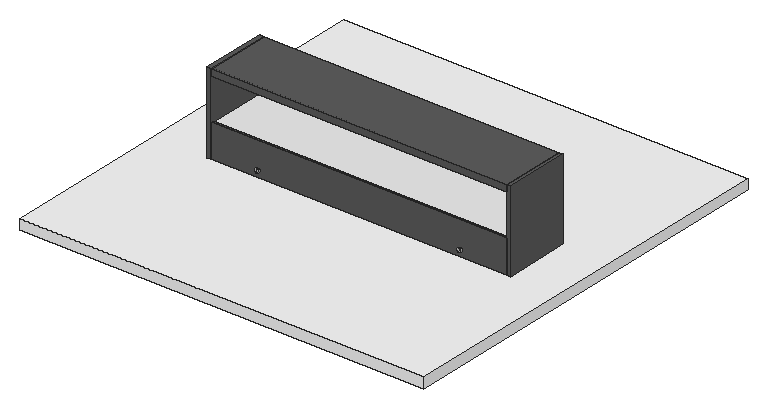
Revit family "BE_50755.2_de_DE", category Leuchten, Revit 2020
Family settings
  Basisbauteil = Fläche
  Bemaßung runder Anschluss = Durchmesser verwenden
  Teiletyp = Normal
  Beim Laden mit Abzugskörper schneiden = Ja
  Lichtquelle = Ja
  Gemeinsam genutzt = Nein
  Raumberechnungspunkt = Ja
Parameters (values of type "BEGA_50755.2_K3")
  built-in parameter 1150104 = 14.486 (stored number, unit not read)
  Wattage = 11.8 W
  Default Elevation = 0 mm
  built-in parameter 1150113 = 1 (stored number, unit not read)
  built-in parameter 1114218 = 1 (stored number, unit not read)
  Umgebungstemperatur = "25 °C"
  URL = "https://www.bega.com/de/produkt/50755.2"
  Typenkommentare = "© 2023 BEGA. Wir behalten uns das Recht vor, technische Änderungen ohne vorherige Ankündigung vorzunehmen."  # constant formula
  built-in parameter 1150134 = (empty or 0)
  built-in parameter 1150109 = 1 (stored number, unit not read)
  built-in parameter 1150110 = 1 (stored number, unit not read)
  Spannung = 239.996 V
  Sonderanfertigung = no
  Seriennummer [instance] = "Hier können Sie die eindeutige Seriennummer für das Facility Management eintragen."
  Schutzklasse = "I"
  Schutzart = "IP 20"
  Scheinlast = 0 VA
  Produktdatenblatt = "https://cdn.bega.com/bega/products/50755.2K3/current/documents/data-sheets/de"
  Neigungswinkel = 0.00°
  Modell = "50755.2K3"
  Material_35 = BEGA_Oberfläche_Samtschwarz_matt
  Material_22 = BEGA_Oberfläche_Aluminium_matt
  Material_15 = BEGA_Leuchtmedium_matt
  Material_13 = BEGA_Kunststoff_matt
  Material_06 = BEGA_Oberfläche_Edelstahl_gebürstet
  Material_05 = BEGA_Oberfläche_Aluminium Guss
  Material_04 = BEGA_Kunststoff_Grafit_matt
  M_W = no
  M_G = no
  M_A = no
  Logo = 0
  built-in parameter 1114217 = 1 (stored number, unit not read)
  built-in parameter 1150139 = (empty or 0)
  built-in parameter 1150105 = 146.42 (stored number, unit not read)
  built-in parameter 1150114 = 1 (stored number, unit not read)
  Lumens = 1839.97 lm
  built-in parameter 1150115 = 1 (stored number, unit not read)
  Leuchtenlichtstrom = "821 lm"
  Lebensdauerkriterien = "L70B50 @ 25 °C = 200000 h"
  Lastklassifizierung = Beleuchtung
  built-in parameter 1150112 = 1 (stored number, unit not read)
  Lampenlichtstrom = "1840 lm"
  Lampe = "LED 11.8 W"
  LED_Modulbezeichnung = "LED-0393/930"
  Hersteller = "BEGA"  # constant formula
  Gewicht = "0.9 kg"
  Frequenz = "0/50-60 Hz"
  Farbwiedergabeindex = "CRI > 90"
  Farbtemperaturverschiebung bei Dämpfen der Lampe = <Keine Auswahl>
  Farbtemperatur = "3000 K"
  Color Filter = 16777215
  built-in parameter 1150133 = 10 (stored number, unit not read)
  Energieeffizienzklasse = "LED A++ - A"
  built-in parameter 1150137 = (empty or 0)
  built-in parameter 1150132 = (empty or 0)
  ENEC = "ja"
  Dimmbar [instance] = "on/off"
  Datei für fotometrisches Netz = "BE_50755-2K3.ies"
  CE_Konformität = "ja"
  Bestellnummer = "50755.2K3"
  Beschreibung_Sonderanfertigung = "Hier können Sie Informationen zur Sonderanfertigung eintragen."
  Beschreibung = "Wandleuchte"
  built-in parameter 1150106 = 1.4642 (stored number, unit not read)
  Befestigungsbohrung = "Ø 4,5 mm"
  Befestigungsabstand = "210 mm"
  BEGA_Intern_aus = yes
  BEGA_Intern_an = yes
  BEGA_Intern_Konstruktion = yes
  BEGA_Intern = yes
  BEGA_IES = yes
  BEGA_Dummy = no
  Anschlussleistung [instance] = "13.7 W"
  built-in parameter 1150107 = 3000 (stored number, unit not read)
  built-in parameter 1150102 = (empty or 0)
  built-in parameter 1150138 = (empty or 0)
  Aktualisierung = "2023-06-07T04:00:07"
  AC/DC = "AC/DC"
Reference planes
  plane 1 "Mitte (Vorne/Hinten)": y = 0
  plane 2: z = 0
  plane 3 "Mitte (Links/Rechts)": x = 0
  plane 4 "Links": x = -147
  plane 5 "Rechts": x = 153
  plane 6 "Unten": y = -35.672
  plane 7 "Oben": y = 30.329
  plane 8 "Vorne": z = 80
  plane 9 "Hinten": z = 0
Forms (mm)
  Extrusion 1, solid, material "BEGA_Platte_Weiss"
    sketch origin (0, -1119.2, 0) x (1, 0, 0) y (0, 1, 0)
      loop
        line (-200, 1319.2) -> (-200, 919.2) -> (200, 919.2) -> (200, 1319.2) -> (-200, 1319.2)
    from 0 to -10
  Extrusion 2, solid, material "BEGA_Dummy_matt", visible <- "BEGA_Dummy"
    sketch origin (80.095, -76.023, 0) x (1, 0, 0) y (0, 1, 0)
      loop
        line (-227.095, 106.352) -> (-227.095, 40.351) -> (72.905, 40.351) -> (72.905, 106.352) -> (-227.095, 106.352)
    from 0 to 80
Dimensions and locks
  plane 1 "Mitte (Vorne/Hinten)" to Extrusion 1 = 200 mm
  aligned and locked: Extrusion 1 to plane 2
  aligned and locked: Extrusion 1 to level
Nested families
  nested 1: "BE_50755.2_Leuchte" at (0, 0, 0), type "BEGA_50818.2_K3"
Connectors
  electrical at (0, 0, 0), driven by "Lastklassifizierung", driven by "Spannung", driven by "Scheinlast"
    settings: index 1, voltage 239.996 V, apparent load 0 VA, apparent load phase1 0 VA, apparent load phase2 0 VA, apparent load phase3 0 VA, power factor 1, load classification "Beleuchtung", number of poles 1, system type 31, power factor state 1, is connector primary yes, connector utility no, sub classification motor no, connector description ""
Definition of nested family "BE_50755.2_Leuchte"
  Parameters (values of type "BEGA_50818.2_K3")
    Default Elevation = 1 mm
    URL = "https://www.bega.com/de/produkt/50818.2"
    Type Comments = "© 2015 BEGA. Wir behalten uns das Recht vor, technische Änderungen ohne vorherige Ankündigung vorzunehmen. "  # constant formula
    Type Image = (empty or 0)
    Material_35 = none
    Material_22 = none
    Material_15 = none
    Material_13 = none
    Material_06 = none
    Material_05 = none
    Material_04 = none
    Länge_Platte = 350 mm  # constant formula
    Höhe_Platte = -10 mm  # constant formula
    Manufacturer = "BEGA"  # constant formula
    Breite_Platte = 200 mm  # constant formula
  Reference planes
    plane 1 "Mitte (Oben/Unten)": y = 0
    plane 2: z = 0
    plane 3 "Mitte (Links/Rechts)": x = 0
    plane 4: z = 80
    plane 5: y = -35.672
    plane 6: y = 30.329
    plane 7: x = 153
    plane 8: x = -147
  Forms (mm)
    Extrusion 1, solid, detail levels medium
      sketch origin (0, 0, 0) x (1, 0, 0) y (0, 1, 0)
        loop
          line (-175, 100) -> (-175, -100) -> (175, -100) -> (175, 100) -> (-175, 100)
      from 0 to -10 <- "Höhe_Platte"
    Extrusion 2, solid, material <- "Material_05"
      sketch origin (0, 0, 0) x (0, 1, 0) y (0, 0, 1)
        loop
          line (-20, 5.5) -> (-25, 10.5) -> (-26.414, 9.086) -> (-21.715, 4.387)
          arc (-21.715, 4.387) -> (-20.739, 3.731) -> (-19.586, 3.5) r 3
          line (-19.586, 3.5) -> (19.586, 3.5)
          arc (19.586, 3.5) -> (20.737, 3.73) -> (21.712, 4.383) r 3
          line (21.712, 4.383) -> (26.414, 9.086) -> (25, 10.5) -> (20, 5.5) -> (-20, 5.5)
      from -132 to 138
    Revolve 3, solid, material <- "Material_05"
      sketch origin (-102, 0, 0) x (0, 1, 0) y (0, 0, 1)
        loop
          line (13, 3.5) -> (13, 0) -> (15, 0)
          arc (15, 0) -> (16.049, 0.297) -> (16.787, 1.101) r 2
          line (16.787, 1.101) -> (18, 3.5) -> (13, 3.5)
        axis (13, 0) -> (13, 3.5)
      angle from 0 to 360
    Revolve 4, solid, material <- "Material_05"
      sketch origin (108, 0, 0) x (0, 1, 0) y (0, 0, 1)
        loop
          line (13, 3.5) -> (13, 0) -> (15, 0)
          arc (15, 0) -> (16.049, 0.297) -> (16.787, 1.101) r 2
          line (16.787, 1.101) -> (18, 3.5) -> (13, 3.5)
        axis (13, 0) -> (13, 3.5)
      angle from 0 to 360
    Revolve 5, solid, material <- "Material_05"
      sketch origin (-102, -26, 0) x (0, 1, 0) y (0, 0, 1)
        loop
          line (13, 3.5) -> (13, 0) -> (15, 0)
          arc (15, 0) -> (16.049, 0.297) -> (16.787, 1.101) r 2
          line (16.787, 1.101) -> (18, 3.5) -> (13, 3.5)
        axis (13, 0) -> (13, 3.5)
      angle from 0 to 360
    Revolve 6, solid, material <- "Material_05"
      sketch origin (108, -26, 0) x (0, 1, 0) y (0, 0, 1)
        loop
          line (13, 3.5) -> (13, 0) -> (15, 0)
          arc (15, 0) -> (16.049, 0.297) -> (16.787, 1.101) r 2
          line (16.787, 1.101) -> (18, 3.5) -> (13, 3.5)
        axis (13, 0) -> (13, 3.5)
      angle from 0 to 360
    Extrusion 7, void
      sketch origin (0, 0, 0) x (1, 0, 0) y (0, 1, 0)
        loop
          arc (-76, 15) -> (-91, 0) -> (-76, -15) r 15
          line (-76, -15) -> (-46, -15)
          arc (-46, -15) -> (-31, 0) -> (-46, 15) r 15
          line (-46, 15) -> (-76, 15)
        loop
          line (-99.25, 2.25) -> (-104.75, 2.25)
          arc (-104.75, 2.25) -> (-107, 0) -> (-104.75, -2.25) r 2.25
          line (-104.75, -2.25) -> (-99.25, -2.25)
          arc (-99.25, -2.25) -> (-97, 0) -> (-99.25, 2.25) r 2.25
        loop
          arc (105.75, -2.75) -> (108, -5) -> (110.25, -2.75) r 2.25
          line (110.25, -2.75) -> (110.25, 2.75)
          arc (110.25, 2.75) -> (108, 5) -> (105.75, 2.75) r 2.25
          line (105.75, 2.75) -> (105.75, -2.75)
      from 3.5 to 5.5
    Extrusion 8, solid, material <- "Material_35"
      sketch origin (0, 0, 0) x (0, 1, 0) y (0, 0, 1)
        loop
          line (-34.671, 80) -> (-34.671, 74) -> (-33.171, 74) -> (-33.171, 76) -> (28.829, 75.999) -> (28.829, 73.999) -> (30.329, 73.999) -> (30.329, 79.999) -> (-34.671, 80)
        loop
          line (30.329, 33) -> (28.329, 32.999) -> (28.329, 30.999) -> (-32.671, 31) -> (-32.671, 33) -> (-34.672, 33) -> (-34.572, 0) -> (-31.672, 0) -> (-31.672, 2)
          arc (-31.672, 2) -> (-31.525, 2.354) -> (-31.172, 2.5) r 0.5
          arc (-31.172, 2.5) -> (-30.818, 2.646) -> (-30.672, 3) r 0.5
          line (-30.672, 3) -> (-30.672, 10)
          arc (-30.672, 10) -> (-30.818, 10.354) -> (-31.172, 10.5) r 0.5
          arc (-31.172, 10.5) -> (-31.525, 10.647) -> (-31.672, 11) r 0.5
          line (-31.672, 11) -> (-31.671, 29) -> (27.329, 28.999) -> (27.328, 9.999) -> (24.328, 6.999) -> (24.328, 4.999) -> (27.328, 4.999) -> (27.328, 0) -> (30.328, 0) -> (30.329, 33)
      from -143 to 149
    Extrusion 9, solid, material <- "Material_35"
      sketch origin (0, 0, 0) x (1, 0, 0) y (0, 1, 0)
        loop
          line (-147, -34.671) -> (-143, -34.671) -> (-143, 30.329) -> (-147, 30.329) -> (-147, -34.671)
        loop
          line (153, -34.671) -> (153, 30.329) -> (149, 30.329) -> (149, -34.671) -> (153, -34.671)
      from 0 to 80
    Extrusion 10, solid, material <- "Material_13"
      sketch origin (0, 0, 0) x (0, 1, 0) y (0, 0, 1)
        loop
          line (-28.209, 76) -> (-29.566, 76)
          arc (-29.566, 76) -> (-2.171, 63.747) -> (25.225, 75.999) r 36.753
          line (25.225, 75.999) -> (23.868, 75.999)
          arc (23.868, 75.999) -> (-2.171, 64.747) -> (-28.209, 76) r 35.753
      from -143 to 149
    Extrusion 11, solid, material <- "Material_04"
      sketch origin (0, 0, 0) x (0, 1, 0) y (0, 0, 1)
        loop
          line (15.629, 74.2) -> (15.629, 76) -> (-5.371, 76) -> (-5.371, 74.2) -> (15.629, 74.2)
      from -113.657 to 128.343
    Extrusion 12, solid, material <- "Material_15"
      sketch origin (0, 152.703, 0) x (1, 0, 0) y (0, 1, 0)
        loop
          line (-111.257, -153.073) -> (-111.257, -156.073) -> (-108.257, -156.073) -> (-108.257, -153.073) -> (-111.257, -153.073)
        loop
          line (-104.566, -156.073) -> (-101.566, -156.073) -> (-101.566, -153.073) -> (-104.566, -153.073) -> (-104.566, -156.073)
        loop
          line (-97.874, -156.073) -> (-94.874, -156.073) -> (-94.874, -153.073) -> (-97.874, -153.073) -> (-97.874, -156.073)
        loop
          line (-91.183, -156.073) -> (-88.183, -156.073) -> (-88.183, -153.073) -> (-91.183, -153.073) -> (-91.183, -156.073)
        loop
          line (-84.491, -156.073) -> (-81.491, -156.073) -> (-81.491, -153.073) -> (-84.491, -153.073) -> (-84.491, -156.073)
        loop
          line (-77.8, -156.073) -> (-74.8, -156.073) -> (-74.8, -153.073) -> (-77.8, -153.073) -> (-77.8, -156.073)
        loop
          line (-71.108, -156.073) -> (-68.108, -156.073) -> (-68.108, -153.073) -> (-71.108, -153.073) -> (-71.108, -156.073)
        loop
          line (-64.417, -156.073) -> (-61.417, -156.073) -> (-61.417, -153.073) -> (-64.417, -153.073) -> (-64.417, -156.073)
        loop
          line (-57.726, -156.073) -> (-54.726, -156.073) -> (-54.726, -153.073) -> (-57.726, -153.073) -> (-57.726, -156.073)
        loop
          line (-51.034, -156.073) -> (-48.034, -156.073) -> (-48.034, -153.073) -> (-51.034, -153.073) -> (-51.034, -156.073)
        loop
          line (-44.343, -156.073) -> (-41.343, -156.073) -> (-41.343, -153.073) -> (-44.343, -153.073) -> (-44.343, -156.073)
        loop
          line (-37.651, -156.073) -> (-34.651, -156.073) -> (-34.651, -153.073) -> (-37.651, -153.073) -> (-37.651, -156.073)
        loop
          line (-30.96, -156.073) -> (-27.96, -156.073) -> (-27.96, -153.073) -> (-30.96, -153.073) -> (-30.96, -156.073)
        loop
          line (-24.268, -156.073) -> (-21.268, -156.073) -> (-21.268, -153.073) -> (-24.268, -153.073) -> (-24.268, -156.073)
        loop
          line (-17.577, -156.073) -> (-14.577, -156.073) -> (-14.577, -153.073) -> (-17.577, -153.073) -> (-17.577, -156.073)
        loop
          line (-10.886, -156.073) -> (-7.886, -156.073) -> (-7.886, -153.073) -> (-10.886, -153.073) -> (-10.886, -156.073)
        loop
          line (-4.194, -156.073) -> (-1.194, -156.073) -> (-1.194, -153.073) -> (-4.194, -153.073) -> (-4.194, -156.073)
        loop
          line (2.497, -156.073) -> (5.497, -156.073) -> (5.497, -153.073) -> (2.497, -153.073) -> (2.497, -156.073)
        loop
          line (9.189, -156.073) -> (12.189, -156.073) -> (12.189, -153.073) -> (9.189, -153.073) -> (9.189, -156.073)
        loop
          line (15.88, -156.073) -> (18.88, -156.073) -> (18.88, -153.073) -> (15.88, -153.073) -> (15.88, -156.073)
        loop
          line (22.572, -156.073) -> (25.572, -156.073) -> (25.572, -153.073) -> (22.572, -153.073) -> (22.572, -156.073)
        loop
          line (29.263, -156.073) -> (32.263, -156.073) -> (32.263, -153.073) -> (29.263, -153.073) -> (29.263, -156.073)
        loop
          line (35.954, -156.073) -> (38.954, -156.073) -> (38.954, -153.073) -> (35.954, -153.073) -> (35.954, -156.073)
        loop
          line (42.646, -156.073) -> (45.646, -156.073) -> (45.646, -153.073) -> (42.646, -153.073) -> (42.646, -156.073)
        loop
          line (49.337, -156.073) -> (52.337, -156.073) -> (52.337, -153.073) -> (49.337, -153.073) -> (49.337, -156.073)
        loop
          line (56.029, -156.073) -> (59.029, -156.073) -> (59.029, -153.073) -> (56.029, -153.073) -> (56.029, -156.073)
        loop
          line (62.72, -156.073) -> (65.72, -156.073) -> (65.72, -153.073) -> (62.72, -153.073) -> (62.72, -156.073)
        loop
          line (69.412, -156.073) -> (72.412, -156.073) -> (72.412, -153.073) -> (69.412, -153.073) -> (69.412, -156.073)
        loop
          line (76.103, -156.073) -> (79.103, -156.073) -> (79.103, -153.073) -> (76.103, -153.073) -> (76.103, -156.073)
        loop
          line (82.794, -156.073) -> (85.794, -156.073) -> (85.794, -153.073) -> (82.794, -153.073) -> (82.794, -156.073)
        loop
          line (89.486, -156.073) -> (92.486, -156.073) -> (92.486, -153.073) -> (89.486, -153.073) -> (89.486, -156.073)
        loop
          line (96.177, -153.073) -> (96.177, -156.073) -> (99.177, -156.073) -> (99.177, -153.073) -> (96.177, -153.073)
        loop
          line (102.869, -156.073) -> (105.869, -156.073) -> (105.869, -153.073) -> (102.869, -153.073) -> (102.869, -156.073)
        loop
          line (109.56, -156.073) -> (112.56, -156.073) -> (112.56, -153.073) -> (109.56, -153.073) -> (109.56, -156.073)
        loop
          line (116.252, -156.073) -> (119.252, -156.073) -> (119.252, -153.073) -> (116.252, -153.073) -> (116.252, -156.073)
        loop
          line (122.943, -156.073) -> (125.943, -156.073) -> (125.943, -153.073) -> (122.943, -153.073) -> (122.943, -156.073)
      from 73.551 to 74.335
    Extrusion 13, solid, material <- "Material_22"
      sketch origin (0, 0, 0) x (0, 1, 0) y (0, 0, 1)
        loop
          line (28.129, 30.999) -> (28.129, 32.499) -> (-32.467, 32.5) -> (-32.467, 31) -> (28.129, 30.999)
      from -140.8 to 146.8
    Revolve 14, solid, material <- "Material_06"
      sketch origin (-97, 0, 0) x (0, 1, 0) y (0, 0, 1)
        loop
          line (-24.728, 6.5) -> (-25.957, 8.629) -> (-26.672, 9.214) -> (-26.672, 8.404) -> (-27.639, 8.404) -> (-28.672, 9) -> (-32.996, 9) -> (-33.71, 8.5) -> (-35.672, 8.5) -> (-35.672, 6.5) -> (-24.728, 6.5)
        axis (-24.728, 6.5) -> (-35.672, 6.5)
      angle from 0 to 360
    Revolve 15, solid, material <- "Material_06"
      sketch origin (103, 0, 0) x (0, 1, 0) y (0, 0, 1)
        loop
          line (-24.728, 6.5) -> (-25.957, 8.629) -> (-26.672, 9.214) -> (-26.672, 8.404) -> (-27.639, 8.404) -> (-28.672, 9) -> (-32.996, 9) -> (-33.71, 8.5) -> (-35.672, 8.5) -> (-35.672, 6.5) -> (-24.728, 6.5)
        axis (-24.728, 6.5) -> (-35.672, 6.5)
      angle from 0 to 360
  Cuts and joins
    Extrusion 7 cuts Extrusion 2
    Extrusion 7 cuts Revolve 3
    Extrusion 7 cuts Revolve 4
    Extrusion 7 cuts Revolve 5
    Extrusion 7 cuts Revolve 6
    joined: Extrusion 2, Revolve 3, Revolve 4, Revolve 5, Revolve 6
  Dimensions and locks
    equal spacing: Extrusion 1 sketch curve, plane 3 "Mitte (Links/Rechts)", Extrusion 1 sketch curve
    equal spacing: Extrusion 1 sketch curve, plane 1 "Mitte (Oben/Unten)", Extrusion 1 sketch curve
    "Länge_Platte": Extrusion 1 sketch curve to Extrusion 1 sketch curve
    "Breite_Platte": Extrusion 1 sketch curve to Extrusion 1 sketch curve
    plane 1 "Mitte (Oben/Unten)" to Extrusion 1 = 100 mm  (x3)
    aligned and locked: Extrusion 1 to plane 2
    aligned and locked: Extrusion 1 to level
  Automatic sketch dimensions
    level to Extrusion 2 sketch curve = 9.086 mm  (x2)
    plane 1 "Mitte (Oben/Unten)" to Extrusion 2 sketch curve = 26.414 mm
    level to Extrusion 2 sketch curve = 10.5 mm  (x2)
    Extrusion 2 sketch curve to Extrusion 2 sketch curve = 1.414 mm  (x2)
    level to Extrusion 2 sketch curve = 4.387 mm
    Extrusion 2 sketch curve to Extrusion 2 sketch curve = 4.699 mm
    level to Extrusion 2 sketch curve = 5.5 mm
    Extrusion 2 sketch curve to Extrusion 2 sketch curve = 1.715 mm
    Extrusion 2 sketch curve to Extrusion 2 sketch curve = 0.414 mm  (x2)
    level to Extrusion 2 sketch curve = 6.5 mm
    Extrusion 2 sketch curve to plane 1 "Mitte (Oben/Unten)" = 19.586 mm
    level to Extrusion 2 sketch curve = 4.383 mm
    Extrusion 2 sketch curve to Extrusion 2 sketch curve = 1.712 mm
    Extrusion 2 sketch curve to Extrusion 2 sketch curve = 5.414 mm
    Revolve 3 sketch curve to level = 0 mm
    level to Revolve 3 sketch curve = 3.5 mm
    Revolve 3 sketch curve to plane 1 "Mitte (Oben/Unten)" = 13 mm
    Revolve 3 sketch curve to Revolve 3 sketch curve = 2 mm  (x3)
    level to Revolve 3 sketch curve = 1.101 mm
    Revolve 3 sketch curve to Revolve 3 sketch curve = 1.787 mm
    Revolve 3 sketch curve to Revolve 3 sketch curve = 1.213 mm
    Revolve 3 sketch curve to Revolve 3 sketch curve = 0 mm
    Revolve 4 sketch curve to level = 0 mm
    level to Revolve 4 sketch curve = 3.5 mm
    Revolve 4 sketch curve to plane 1 "Mitte (Oben/Unten)" = 13 mm
    Revolve 4 sketch curve to Revolve 4 sketch curve = 2 mm  (x3)
    level to Revolve 4 sketch curve = 1.101 mm
    Revolve 4 sketch curve to Revolve 4 sketch curve = 1.787 mm
    Revolve 4 sketch curve to Revolve 4 sketch curve = 1.213 mm
    Revolve 4 sketch curve to Revolve 4 sketch curve = 0 mm
    Revolve 5 sketch curve to level = 0 mm
    level to Revolve 5 sketch curve = 3.5 mm
    plane 1 "Mitte (Oben/Unten)" to Revolve 5 sketch curve = 13 mm
    Revolve 5 sketch curve to Revolve 5 sketch curve = 2 mm  (x2)
    level to Revolve 5 sketch curve = 1.101 mm
    Revolve 5 sketch curve to Revolve 5 sketch curve = 1.787 mm
    Revolve 5 sketch curve to Revolve 5 sketch curve = 1.213 mm
    Revolve 5 sketch curve to Revolve 5 sketch curve = 0 mm
    Revolve 5 sketch curve to level = 2 mm
    Revolve 6 sketch curve to level = 0 mm
    level to Revolve 6 sketch curve = 3.5 mm
    plane 1 "Mitte (Oben/Unten)" to Revolve 6 sketch curve = 13 mm
    Revolve 6 sketch curve to Revolve 6 sketch curve = 2 mm  (x2)
    level to Revolve 6 sketch curve = 1.101 mm
    Revolve 6 sketch curve to Revolve 6 sketch curve = 1.787 mm
    Revolve 6 sketch curve to Revolve 6 sketch curve = 1.213 mm
    Revolve 6 sketch curve to Revolve 6 sketch curve = 0 mm
    Revolve 6 sketch curve to level = 2 mm
    plane 1 "Mitte (Oben/Unten)" to Extrusion 7 sketch curve = 0 mm  (x2)
    plane 1 "Mitte (Oben/Unten)" to Extrusion 7 sketch curve = 2.25 mm
    Extrusion 7 sketch curve to plane 3 "Mitte (Links/Rechts)" = 104.75 mm
    Extrusion 7 sketch curve to Extrusion 7 sketch curve = 5.5 mm
    Extrusion 7 sketch curve to Extrusion 7 sketch curve = 23.25 mm
    Extrusion 7 sketch curve to Extrusion 7 sketch curve = 30 mm
    Extrusion 7 sketch curve to plane 1 "Mitte (Oben/Unten)" = 2.75 mm
    plane 3 "Mitte (Links/Rechts)" to Extrusion 7 sketch curve = 105.75 mm
    Extrusion 7 sketch curve to Extrusion 7 sketch curve = 2.25 mm
    plane 1 "Mitte (Oben/Unten)" to Extrusion 7 sketch curve = 2.75 mm
    plane 1 "Mitte (Oben/Unten)" to Extrusion 7 sketch curve = 15 mm
    Extrusion 8 sketch curve to level = 0 mm  (x2)
    plane 1 "Mitte (Oben/Unten)" to Extrusion 8 sketch curve = 34.672 mm
    plane 1 "Mitte (Oben/Unten)" to Extrusion 8 sketch curve = 34.671 mm
    Extrusion 8 sketch curve to Extrusion 8 sketch curve = 0 mm  (x9)
    Extrusion 8 sketch curve to Extrusion 8 sketch curve = 0.1 mm
    Extrusion 8 sketch curve to Extrusion 8 sketch curve = 1.5 mm  (x2)
    Extrusion 8 sketch curve to Extrusion 8 sketch curve = 2 mm  (x7)
    Extrusion 8 sketch curve to Extrusion 8 sketch curve = 2.9 mm
    level to Extrusion 8 sketch curve = 2 mm
    level to Extrusion 8 sketch curve = 11 mm
    level to Extrusion 8 sketch curve = 29 mm
    Extrusion 8 sketch curve to Extrusion 8 sketch curve = 1 mm  (x2)
    Extrusion 8 sketch curve to Extrusion 8 sketch curve = 0.5 mm  (x7)
    level to Extrusion 8 sketch curve = 3 mm
    level to Extrusion 8 sketch curve = 10 mm
    level to Extrusion 8 sketch curve = 4.999 mm
    Extrusion 8 sketch curve to plane 1 "Mitte (Oben/Unten)" = 24.328 mm
    level to Extrusion 8 sketch curve = 6.999 mm
    Extrusion 8 sketch curve to Extrusion 8 sketch curve = 3 mm  (x3)
    level to Extrusion 8 sketch curve = 9.999 mm
    Extrusion 8 sketch curve to plane 1 "Mitte (Oben/Unten)" = 28.829 mm
    Extrusion 8 sketch curve to Extrusion 8 sketch curve = 41 mm  (x2)
    Extrusion 9 sketch curve to plane 1 "Mitte (Oben/Unten)" = 30.329 mm  (x2)
    Extrusion 9 sketch curve to plane 3 "Mitte (Links/Rechts)" = 147 mm
    Extrusion 9 sketch curve to Extrusion 9 sketch curve = 4 mm  (x2)
    plane 1 "Mitte (Oben/Unten)" to Extrusion 9 sketch curve = 34.671 mm  (x2)
    plane 3 "Mitte (Links/Rechts)" to Extrusion 9 sketch curve = 149 mm
    Extrusion 10 sketch curve to Extrusion 10 sketch curve = 0 mm  (x4)
    plane 1 "Mitte (Oben/Unten)" to Extrusion 10 sketch curve = 29.566 mm
    Extrusion 10 sketch curve to Extrusion 10 sketch curve = 1.357 mm  (x2)
    plane 1 "Mitte (Oben/Unten)" to Extrusion 10 sketch curve = 2.171 mm
    Extrusion 10 sketch curve to plane 1 "Mitte (Oben/Unten)" = 23.868 mm
    level to Extrusion 10 sketch curve = 75.999 mm
    plane 1 "Mitte (Oben/Unten)" to Extrusion 11 sketch curve = 5.371 mm
    Extrusion 11 sketch curve to Extrusion 11 sketch curve = 0 mm  (x2)
    Extrusion 11 sketch curve to plane 1 "Mitte (Oben/Unten)" = 15.629 mm
    level to Extrusion 11 sketch curve = 74.2 mm
    plane 1 "Mitte (Oben/Unten)" to Extrusion 12 sketch curve = 0.37 mm  (x36)
    Extrusion 12 sketch curve to plane 3 "Mitte (Links/Rechts)" = 111.257 mm
    Extrusion 12 sketch curve to Extrusion 12 sketch curve = 3 mm  (x54)
    Extrusion 12 sketch curve to Extrusion 12 sketch curve = 3.691 mm  (x34)
    Extrusion 12 sketch curve to plane 3 "Mitte (Links/Rechts)" = 1.194 mm
    plane 3 "Mitte (Links/Rechts)" to Extrusion 12 sketch curve = 2.497 mm
    plane 1 "Mitte (Oben/Unten)" to Extrusion 12 sketch curve = 3.37 mm  (x17)
    plane 1 "Mitte (Oben/Unten)" to Extrusion 13 sketch curve = 32.467 mm
    Extrusion 13 sketch curve to plane 1 "Mitte (Oben/Unten)" = 28.129 mm
    level to Extrusion 13 sketch curve = 30.999 mm
    level to Extrusion 13 sketch curve = 31 mm
    Extrusion 13 sketch curve to Extrusion 13 sketch curve = 1.5 mm  (x2)
    level to Revolve 14 sketch curve = 6.5 mm
    plane 1 "Mitte (Oben/Unten)" to Revolve 14 sketch curve = 35.672 mm
    Revolve 14 sketch curve to Revolve 14 sketch curve = 0 mm  (x4)
    Revolve 14 sketch curve to Revolve 14 sketch curve = 1.961 mm
    Revolve 14 sketch curve to Revolve 14 sketch curve = 0.714 mm  (x2)
    level to Revolve 14 sketch curve = 9 mm
    Revolve 14 sketch curve to Revolve 14 sketch curve = 4.325 mm
    Revolve 14 sketch curve to Revolve 14 sketch curve = 1.033 mm
    level to Revolve 14 sketch curve = 9.214 mm
    Revolve 14 sketch curve to Revolve 14 sketch curve = 0.967 mm
    level to Revolve 14 sketch curve = 8.629 mm
    Revolve 14 sketch curve to Revolve 14 sketch curve = 1.229 mm
    Revolve 14 sketch curve to Revolve 14 sketch curve = 0.225 mm
    Revolve 14 sketch curve to Revolve 14 sketch curve = 2 mm
    Revolve 14 sketch curve to Revolve 14 sketch curve = 0.5 mm
    level to Revolve 15 sketch curve = 6.5 mm
    plane 1 "Mitte (Oben/Unten)" to Revolve 15 sketch curve = 35.672 mm
    Revolve 15 sketch curve to Revolve 15 sketch curve = 0 mm  (x4)
    Revolve 15 sketch curve to Revolve 15 sketch curve = 1.961 mm
    Revolve 15 sketch curve to Revolve 15 sketch curve = 0.714 mm  (x2)
    level to Revolve 15 sketch curve = 9 mm
    Revolve 15 sketch curve to Revolve 15 sketch curve = 4.325 mm
    Revolve 15 sketch curve to Revolve 15 sketch curve = 1.033 mm
    level to Revolve 15 sketch curve = 9.214 mm
    Revolve 15 sketch curve to Revolve 15 sketch curve = 0.967 mm
    level to Revolve 15 sketch curve = 8.629 mm
    Revolve 15 sketch curve to Revolve 15 sketch curve = 1.229 mm
    Revolve 15 sketch curve to Revolve 15 sketch curve = 0.225 mm
    Revolve 15 sketch curve to Revolve 15 sketch curve = 2 mm
    Revolve 15 sketch curve to Revolve 15 sketch curve = 0.5 mm
